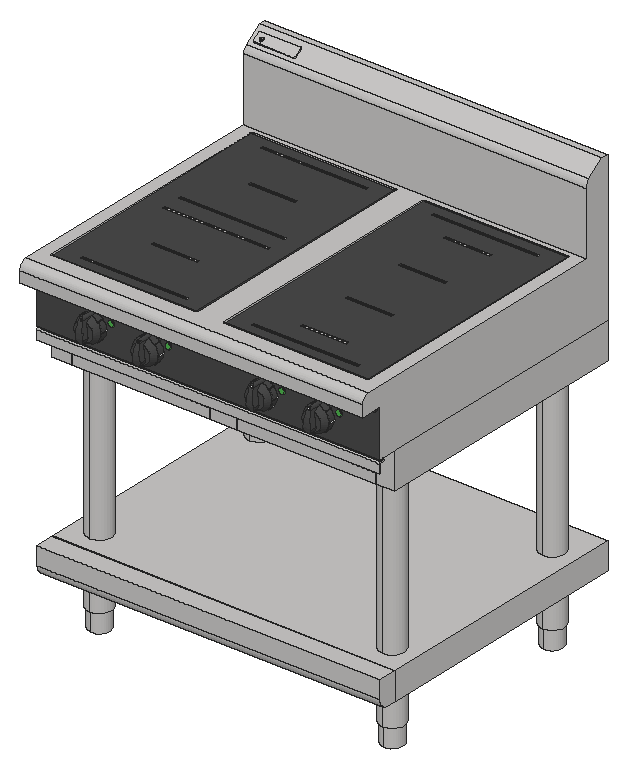
Revit family "QF_Moffat_INB8400R5F-LS_Induction_Cooktop_cat", category Specialty Equipment, Revit 2019 (continued)
Definition of nested family "QF_LOGO_Waldorf"
  Lines and regions (mm)
    Split face 7
      outline origin (0, -1.881, 2.589) x (1, 0, 0) y (0, 0.809017, 0.587785)
        loop
          spline (76.449, 5.305) -> (77.855, 5.457) -> (79.166, 5.901) -> (80.291, 6.607) -> (81.155, 7.527) -> (81.698, 8.599) -> (81.883, 9.749) -> (81.698, 10.899) -> (81.155, 11.97) -> (80.291, 12.891) -> (79.166, 13.597) -> (77.855, 14.041) -> (76.449, 14.192)
          spline (76.449, 14.192) -> (75.042, 14.041) -> (73.731, 13.597) -> (72.606, 12.891) -> (71.742, 11.97) -> (71.199, 10.899) -> (71.014, 9.749) -> (71.199, 8.599) -> (71.742, 7.527) -> (72.606, 6.607) -> (73.731, 5.901) -> (75.042, 5.457) -> (76.449, 5.305)
    Split face 8
      outline origin (0, -1.881, 2.589) x (1, 0, 0) y (0, 0.809017, 0.587785)
        loop
          spline (76.449, 7.654) -> (76.841, 7.725) -> (77.206, 7.934) -> (77.52, 8.267) -> (77.76, 8.701) -> (77.912, 9.206) -> (77.963, 9.749) -> (77.912, 10.291) -> (77.76, 10.796) -> (77.52, 11.23) -> (77.206, 11.563) -> (76.841, 11.772) -> (76.449, 11.843)
          spline (76.449, 11.843) -> (76.057, 11.772) -> (75.691, 11.563) -> (75.378, 11.23) -> (75.137, 10.796) -> (74.986, 10.291) -> (74.934, 9.749) -> (74.986, 9.206) -> (75.137, 8.701) -> (75.378, 8.267) -> (75.691, 7.934) -> (76.057, 7.725) -> (76.449, 7.654)
    Split face 9
      outline origin (0, -1.881, 2.589) x (1, 0, 0) y (0, 0.809017, 0.587785)
        loop
          line (86.998, 12.335) -> (86.998, 13.879) -> (83.479, 13.879) -> (83.479, 5.728) -> (87.312, 5.728) -> (87.312, 8.975)
          spline (87.312, 8.975) -> (87.364, 9.356) -> (87.458, 9.686) -> (87.594, 9.968) -> (87.769, 10.204) -> (87.982, 10.398) -> (88.229, 10.55) -> (88.509, 10.666) -> (88.82, 10.746) -> (89.16, 10.794) -> (89.525, 10.812) -> (89.915, 10.803) -> (90.327, 10.77)
          line (90.327, 10.77) -> (90.327, 14.113)
          spline (90.327, 14.113) -> (89.929, 14.127) -> (89.552, 14.111) -> (89.197, 14.066) -> (88.865, 13.991) -> (88.554, 13.887) -> (88.266, 13.754) -> (87.999, 13.591) -> (87.755, 13.399) -> (87.532, 13.177) -> (87.332, 12.926) -> (87.154, 12.645) -> (86.998, 12.335)
    Split face 10
      outline origin (0, -1.881, 2.589) x (1, 0, 0) y (0, 0.809017, 0.587785)
        loop
          line (92.082, 13.879) -> (90.894, 13.879) -> (90.894, 11.972) -> (92.082, 11.972) -> (92.082, 5.728) -> (95.871, 5.728) -> (95.871, 11.972) -> (97.5, 11.972) -> (97.5, 13.879) -> (95.871, 13.879)
          spline (95.871, 13.879) -> (95.843, 14.088) -> (95.845, 14.278) -> (95.877, 14.447) -> (95.939, 14.596) -> (96.03, 14.726) -> (96.151, 14.835) -> (96.301, 14.925) -> (96.482, 14.995) -> (96.692, 15.045) -> (96.931, 15.075) -> (97.201, 15.085) -> (97.5, 15.076)
          line (97.5, 15.076) -> (97.5, 17.266) -> (95.367, 17.266)
          spline (95.367, 17.266) -> (94.982, 17.253) -> (94.58, 17.21) -> (94.174, 17.132) -> (93.774, 17.013) -> (93.39, 16.846) -> (93.034, 16.627) -> (92.717, 16.349) -> (92.448, 16.007) -> (92.24, 15.595) -> (92.102, 15.106) -> (92.046, 14.537) -> (92.082, 13.879)
  Dimensions and locks
    equal spacing: plane 3 "LEFT", plane 7 "Center Y", plane 4 "RIGHT"
    "Length": plane 3 "LEFT" to plane 4 "RIGHT"
    equal spacing: plane 5 "FRONT", plane 8 "Center X", plane 1 "BACK"
    "Depth": plane 5 "FRONT" to plane 1 "BACK"
    "Height": plane 6 "TOP" to level
    plane 4 "RIGHT" to plane 3 "LEFT" = 138 mm
    aligned and locked: level to plane 2
  Automatic sketch dimensions
    Extrusion 1 sketch curve to plane 3 "LEFT" = 0 mm
    plane 3 "LEFT" to Extrusion 1 sketch curve = 4 mm  (x2)
    Extrusion 1 sketch curve to Extrusion 1 sketch curve = 10.75 mm
    Extrusion 1 sketch curve to Extrusion 1 sketch curve = 0.5 mm
    plane 4 "RIGHT" to Extrusion 1 sketch curve = 33 mm
    Extrusion 1 sketch curve to Extrusion 1 sketch curve = 0 mm  (x3)
    Extrusion 1 sketch curve to Extrusion 1 sketch curve = 4 mm
    Extrusion 1 sketch curve to Extrusion 1 sketch curve = 3.464 mm  (x3)
    Extrusion 1 sketch curve to Extrusion 1 sketch curve = 3.541 mm
    Extrusion 1 sketch curve to Extrusion 1 sketch curve = 4.325 mm
    Extrusion 1 sketch curve to Extrusion 1 sketch curve = 19.783 mm
    Extrusion 1 sketch curve to Extrusion 1 sketch curve = 7.592 mm
    plane 3 "LEFT" to Extrusion 2 sketch curve = 15.25 mm
    Extrusion 2 sketch curve to Extrusion 2 sketch curve = 4.325 mm
    plane 3 "LEFT" to Extrusion 3 sketch curve = 14.75 mm
    Extrusion 3 sketch curve to Extrusion 3 sketch curve = 4.325 mm
    Extrusion 1 to Split face 1 sketch curve = 6.879 mm
    Split face 1 sketch curve to Extrusion 1 = 5.728 mm
    Split face 1 sketch curve to Split face 1 sketch curve = 3.132 mm
    Split face 1 sketch curve to Split face 1 sketch curve = 4.068 mm
    Split face 1 sketch curve to Split face 1 sketch curve = 3.051 mm
    Split face 1 sketch curve to Split face 1 sketch curve = 4.203 mm
    Split face 1 sketch curve to Split face 1 sketch curve = 2.916 mm
    Split face 1 sketch curve to Split face 1 sketch curve = 3.456 mm
    Split face 1 sketch curve to Split face 1 sketch curve = 2.934 mm
    Split face 1 sketch curve to Split face 1 sketch curve = 4.131 mm
    Split face 1 sketch curve to Split face 1 sketch curve = 3.96 mm
    Split face 1 sketch curve to Split face 1 sketch curve = 0 mm  (x2)
    Split face 1 sketch curve to Extrusion 1 = 9.736 mm  (x2)
    Extrusion 1 to Split face 1 sketch curve = 6.337 mm
    Extrusion 1 to Split face 1 sketch curve = 6.231 mm
    Extrusion 1 to Split face 1 sketch curve = 3.184 mm
    Extrusion 1 to Split face 1 sketch curve = 13.135 mm
    Split face 1 sketch curve to Split face 1 sketch curve = 4.652 mm
    Split face 1 sketch curve to Split face 1 sketch curve = 3.593 mm
    Split face 1 sketch curve to Split face 1 sketch curve = 1.863 mm
    Split face 1 sketch curve to Split face 1 sketch curve = 0.713 mm
    Split face 1 sketch curve to Split face 1 sketch curve = 2.684 mm
    Split face 1 sketch curve to Split face 1 sketch curve = 3.294 mm
    Split face 1 sketch curve to Split face 1 sketch curve = 0.459 mm
    Split face 1 sketch curve to Split face 1 sketch curve = 2.775 mm
    Split face 1 sketch curve to Split face 1 sketch curve = 1.89 mm
    Split face 1 sketch curve to Split face 1 sketch curve = 0.685 mm
    Split face 1 sketch curve to Split face 1 sketch curve = 9.486 mm
    Split face 1 sketch curve to Split face 1 sketch curve = 16.213 mm
    Split face 1 sketch curve to Split face 1 sketch curve = 3.48 mm
    Split face 1 sketch curve to Split face 1 sketch curve = 4.918 mm
    Split face 1 sketch curve to Split face 1 sketch curve = 7.609 mm
    Split face 1 sketch curve to Split face 1 sketch curve = 0.01 mm  (x2)
    Split face 1 sketch curve to Split face 1 sketch curve = 0.002 mm
    Split face 2 sketch curve to Extrusion 1 = 11.169 mm
    Extrusion 1 to Split face 2 sketch curve = 25.647 mm
    Split face 2 sketch curve to Split face 2 sketch curve = 3.72 mm
    Split face 2 sketch curve to Extrusion 1 = 11.965 mm
    Split face 2 sketch curve to Split face 2 sketch curve = 0.371 mm
    Split face 2 sketch curve to Extrusion 1 = 6.602 mm
    Split face 2 sketch curve to Split face 2 sketch curve = 2.689 mm
    Split face 2 sketch curve to Split face 2 sketch curve = 0.318 mm
    Split face 2 sketch curve to Split face 2 sketch curve = 3.729 mm
    Split face 2 sketch curve to Split face 2 sketch curve = 0.414 mm
    Split face 2 sketch curve to Split face 2 sketch curve = 0.875 mm
    Split face 2 sketch curve to Split face 2 sketch curve = 0.878 mm
    Split face 3 sketch curve to Extrusion 1 = 8.597 mm
    Extrusion 1 to Split face 3 sketch curve = 29.688 mm
    Split face 3 sketch curve to Extrusion 1 = 9.264 mm
    Split face 3 sketch curve to Split face 3 sketch curve = 2.326 mm
    Split face 4 sketch curve to Extrusion 1 = 5.728 mm
    Extrusion 1 to Split face 4 sketch curve = 38.08 mm
    Split face 4 sketch curve to Split face 4 sketch curve = 3.843 mm
    Split face 4 sketch curve to Extrusion 1 = 9.736 mm
    Split face 5 sketch curve to Extrusion 1 = 9.736 mm
    Split face 5 sketch curve to Extrusion 1 = 43.205 mm
    Split face 5 sketch curve to Extrusion 1 = 6.679 mm
    Split face 5 sketch curve to Split face 5 sketch curve = 0.342 mm
    Split face 5 sketch curve to Split face 5 sketch curve = 3.375 mm
    Split face 5 sketch curve to Split face 5 sketch curve = 0.952 mm
    Split face 5 sketch curve to Split face 5 sketch curve = 3.998 mm
    Split face 6 sketch curve to Extrusion 1 = 7.499 mm
    Split face 6 sketch curve to Extrusion 1 = 44.727 mm
    Split face 6 sketch curve to Split face 6 sketch curve = 2.07 mm
    Split face 7 sketch curve to Extrusion 1 = 5.305 mm
    Split face 7 sketch curve to Extrusion 1 = 32.551 mm
    Split face 7 sketch curve to Split face 7 sketch curve = 4.443 mm
    Split face 8 sketch curve to Extrusion 1 = 7.654 mm
    Split face 8 sketch curve to Extrusion 1 = 32.551 mm
    Split face 8 sketch curve to Split face 8 sketch curve = 2.095 mm
    Split face 9 sketch curve to Extrusion 1 = 5.728 mm
    Split face 9 sketch curve to Extrusion 1 = 25.521 mm
    Split face 9 sketch curve to Split face 9 sketch curve = 3.519 mm
    Split face 9 sketch curve to Split face 9 sketch curve = 0.315 mm
    Split face 9 sketch curve to Split face 9 sketch curve = 3.33 mm
    Split face 9 sketch curve to Split face 9 sketch curve = 3.248 mm
    Split face 9 sketch curve to Split face 9 sketch curve = 1.795 mm
    Split face 9 sketch curve to Split face 9 sketch curve = 3.36 mm
    Split face 9 sketch curve to Split face 9 sketch curve = 1.545 mm
    Split face 9 sketch curve to Split face 9 sketch curve = 0.233 mm
    Split face 10 sketch curve to Extrusion 1 = 18.106 mm
    Split face 10 sketch curve to Split face 10 sketch curve = 1.188 mm  (x2)
    Split face 10 sketch curve to Split face 10 sketch curve = 3.285 mm
    Split face 10 sketch curve to Split face 10 sketch curve = 3.789 mm
    Split face 10 sketch curve to Split face 10 sketch curve = 0 mm  (x2)
    Split face 10 sketch curve to Split face 10 sketch curve = 1.629 mm
    Split face 10 sketch curve to Split face 10 sketch curve = 2.133 mm
    Split face 10 sketch curve to Extrusion 1 = 5.728 mm
    Split face 10 sketch curve to Split face 10 sketch curve = 6.245 mm
    Split face 10 sketch curve to Split face 10 sketch curve = 1.907 mm  (x2)
    Split face 10 sketch curve to Split face 10 sketch curve = 1.197 mm
    Split face 10 sketch curve to Split face 10 sketch curve = 2.19 mm
Definition of nested family "Knob"
  Parameters (values of type "Knob")
    Weight in Pounds = 0
    URL Cutsheet = ""
    Specification by User = ""
    Specification by Manufacturer = ""
    Serial Number = ""
    Seismic Rating = ""
    SMACNA No = ""
    Revision Code = ""
    NAFEM Spec ID Number = ""
    Masterspec = ""
    Length = 65 mm
    Item Number = ""
    Installed By = ""
    Identify Quantity as Lot = yes
    Height = 69.5 mm
    Furnished By = ""
    Foodservice Equipment Identifier = yes
    Depth = 59 mm
    CSI MasterFormat = ""
  Reference planes
    plane 1 "BACK": y = 0
    plane 2: z = 0
    plane 3 "LEFT": x = 0
    plane 4 "RIGHT": x = 65
    plane 5 "FRONT": y = -59
    plane 6 "TOP": z = 69.5
    plane 7 "Center Y": x = 32.5
    plane 8 "Center X": y = -29.5
  Forms (mm)
    Revolve 1, solid
      sketch origin (32.5, 175.397, 1219.2) x (0, 1, 0) y (0, 0, 1)
        loop
          line (-175.397, -1186.7) -> (-219.397, -1186.7) -> (-219.397, -1211.501) -> (-202.106, -1219.2) -> (-185.397, -1219.2) -> (-185.397, -1191.7) -> (-175.397, -1191.7) -> (-175.397, -1186.7)
        axis (-219.397, -1186.7) -> (-175.397, -1186.7)
      angle from 0 to 360
    Extrusion 2, solid
      sketch origin (32.5, 175.397, 1219.2) x (0, 1, 0) y (0, 0, 1)
        loop
          line (-202.106, -1154.2) -> (-185.397, -1154.2) -> (-185.397, -1149.7) -> (-224.105, -1149.7)
          arc (-224.105, -1149.7) -> (-233.965, -1178.467) -> (-230.696, -1208.7) r 70
          line (-230.696, -1208.7) -> (-219.397, -1208.7) -> (-219.397, -1161.899) -> (-202.106, -1154.2)
      from -15 to 15
    Extrusion 3, void
      sketch origin (0, 0, 0) x (1, 0, 0) y (0, 0, 1)
        loop
          line (27.501, 64.613) -> (22.02, 20.585)
          arc (22.02, 20.585) -> (32.792, 10.488) -> (42.986, 21.169) r 10.487
          line (42.986, 21.169) -> (37.499, 64.613)
          arc (37.499, 64.613) -> (32.5, 69.5) -> (27.501, 64.613) r 5
        loop
          line (10, 72.977) -> (10, 5.625) -> (55, 5.625) -> (55, 72.977) -> (10, 72.977)
      from 6.142 to 69.687
    Extrusion 4, solid
      sketch origin (0, -34.115, -16.916) x (1, 0, 0) y (0, 0.45399, 0.891007)
        loop
          circle (32.497, 65) r 2
      from 51.525 to 53.075
    Extrusion 5, solid
      sketch origin (32.5, -10, 32.5) x (0, 0, -1) y (-1, 0, 0)
        loop
          line (-23.54, -22.408) -> (-24.106, -22.974)
          arc (-24.106, -22.974) -> (-23.547, -23.547) -> (-22.974, -24.106) r 33.3
          line (-22.974, -24.106) -> (-22.408, -23.54)
          arc (-22.408, -23.54) -> (-22.981, -22.981) -> (-23.54, -22.408) r 32.5
        loop
          arc (-0.8, -33.29) -> (0, -33.3) -> (0.8, -33.29) r 33.3
          line (0.8, -33.29) -> (0.8, -32.49)
          arc (0.8, -32.49) -> (0, -32.5) -> (-0.8, -32.49) r 32.5
          line (-0.8, -32.49) -> (-0.8, -33.29)
        loop
          arc (23.54, -22.408) -> (22.981, -22.981) -> (22.408, -23.54) r 32.5
          line (22.408, -23.54) -> (22.974, -24.106)
          arc (22.974, -24.106) -> (23.547, -23.547) -> (24.106, -22.974) r 33.3
          line (24.106, -22.974) -> (23.54, -22.408)
        loop
          arc (-23.54, 22.408) -> (-22.981, 22.981) -> (-22.408, 23.54) r 32.5
          line (-22.408, 23.54) -> (-22.974, 24.106)
          arc (-22.974, 24.106) -> (-23.547, 23.547) -> (-24.106, 22.974) r 33.3
          line (-24.106, 22.974) -> (-23.54, 22.408)
        loop
          line (-0.8, 33.29) -> (-0.8, 32.49)
          arc (-0.8, 32.49) -> (0, 32.5) -> (0.8, 32.49) r 32.5
          line (0.8, 32.49) -> (0.8, 33.29)
          arc (0.8, 33.29) -> (0, 33.3) -> (-0.8, 33.29) r 33.3
        loop
          line (32.49, -0.8) -> (33.29, -0.8)
          arc (33.29, -0.8) -> (33.3, 0) -> (33.29, 0.8) r 33.3
          line (33.29, 0.8) -> (32.49, 0.8)
          arc (32.49, 0.8) -> (32.5, 0) -> (32.49, -0.8) r 32.5
        loop
          arc (24.106, 22.974) -> (23.547, 23.547) -> (22.974, 24.106) r 33.3
          line (22.974, 24.106) -> (22.408, 23.54)
          arc (22.408, 23.54) -> (22.981, 22.981) -> (23.54, 22.408) r 32.5
          line (23.54, 22.408) -> (24.106, 22.974)
      from 0 to -16.709
  Cuts and joins
    Extrusion 3 cuts Extrusion 2
  Dimensions and locks
    equal spacing: plane 3 "LEFT", plane 7 "Center Y", plane 4 "RIGHT"
    "Length": plane 3 "LEFT" to plane 4 "RIGHT"
    equal spacing: plane 5 "FRONT", plane 8 "Center X", plane 1 "BACK"
    "Depth": plane 5 "FRONT" to plane 1 "BACK"
    "Height": plane 6 "TOP" to level
    plane 4 "RIGHT" to plane 3 "LEFT" = 65 mm
    aligned and locked: level to plane 2
  Automatic sketch dimensions
    Revolve 1 sketch curve to level = 0 mm
    Revolve 1 sketch curve to plane 1 "BACK" = 0 mm  (x2)
    plane 1 "BACK" to Revolve 1 sketch curve = 10 mm
    plane 8 "Center X" to Revolve 1 sketch curve = 2.791 mm
    Revolve 1 sketch curve to plane 8 "Center X" = 14.5 mm
    level to Revolve 1 sketch curve = 7.699 mm
    level to Revolve 1 sketch curve = 27.5 mm
    Revolve 1 sketch curve to Revolve 1 sketch curve = 5 mm
    Revolve 1 sketch curve to Revolve 1 sketch curve = 35 mm
    Revolve 1 sketch curve to Revolve 1 sketch curve = 0 mm
    Extrusion 2 sketch curve to plane 6 "TOP" = 0 mm
    Extrusion 2 sketch curve to plane 5 "FRONT" = 3.702 mm
    Extrusion 2 sketch curve to plane 5 "FRONT" = 10.293 mm
    Extrusion 2 sketch curve to Extrusion 2 sketch curve = 11.298 mm
    plane 8 "Center X" to Extrusion 2 sketch curve = 2.791 mm
    plane 1 "BACK" to Extrusion 2 sketch curve = 10 mm
    Extrusion 2 sketch curve to plane 1 "BACK" = 11 mm
    Extrusion 2 sketch curve to plane 6 "TOP" = 4.5 mm
    Extrusion 2 sketch curve to plane 6 "TOP" = 12.199 mm
    level to Extrusion 2 sketch curve = 32.962 mm
    level to Extrusion 3 sketch curve = 5.625 mm
    Extrusion 3 sketch curve to plane 7 "Center Y" = 0 mm  (x2)
    Extrusion 3 sketch curve to plane 7 "Center Y" = 4.999 mm
    Extrusion 3 sketch curve to plane 7 "Center Y" = 10.48 mm
    plane 6 "TOP" to Extrusion 3 sketch curve = 3.477 mm
    plane 3 "LEFT" to Extrusion 3 sketch curve = 10 mm
    Extrusion 3 sketch curve to plane 6 "TOP" = 4.887 mm
    Extrusion 3 sketch curve to Extrusion 3 sketch curve = 4.999 mm
    plane 7 "Center Y" to Extrusion 3 sketch curve = 10.486 mm
    level to Extrusion 3 sketch curve = 20.585 mm
    Extrusion 3 sketch curve to Extrusion 3 sketch curve = 0.387 mm
    Extrusion 3 sketch curve to Extrusion 3 sketch curve = 0.113 mm
    plane 4 "RIGHT" to Extrusion 3 sketch curve = 10 mm
    Extrusion 5 sketch curve to Revolve 1 = 32.49 mm
    Revolve 1 to Extrusion 5 sketch curve = 32.49 mm
    Extrusion 5 sketch curve to Revolve 1 = 23.54 mm  (x2)
    Revolve 1 to Extrusion 5 sketch curve = 23.54 mm  (x2)
    Extrusion 5 sketch curve to Revolve 1 = 24.106 mm  (x2)
    Revolve 1 to Extrusion 5 sketch curve = 24.106 mm  (x2)
    Revolve 1 to Extrusion 5 sketch curve = 22.408 mm  (x2)
    Extrusion 5 sketch curve to Revolve 1 = 22.408 mm  (x2)
    Revolve 1 to Extrusion 5 sketch curve = 22.974 mm  (x2)
    Extrusion 5 sketch curve to Revolve 1 = 22.974 mm  (x2)
    Extrusion 5 sketch curve to Extrusion 5 sketch curve = 1.6 mm  (x2)
    Revolve 1 to Extrusion 5 sketch curve = 0.8 mm
    Extrusion 5 sketch curve to Revolve 1 = 0.8 mm
    Extrusion 4 sketch curve to plane 7 "Center Y" = 0.003 mm
    radius of Extrusion 5 sketch curve to Revolve 1 = 0 mm  (x7)
    radius of Revolve 1 to Extrusion 5 sketch curve = 0.8 mm  (x7)
    radius of Extrusion 4 sketch curve = 2 mm
Types (2, lengths in mm): name | Volts | Cycle | Apparent Power
  INB8400R5F-LS_415/60/3 | 415 V | 60 Hz | 20102.6 VA
  INB8400R5F-LS_400/50/3 | 400 V | 50 Hz | 19376 VA
